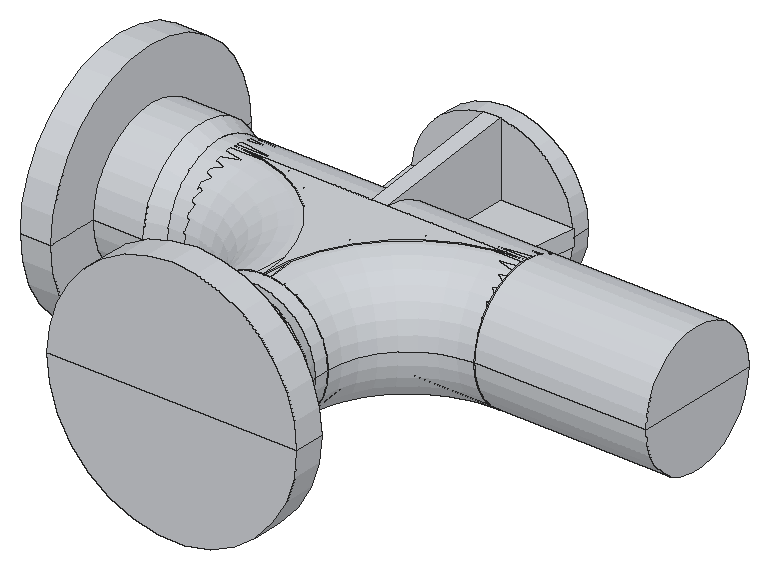
Revit family "35539b8d50c64a74bc7022a9e16a2897", category Pipe Fittings, Revit 2021
Family settings
  Round Connector Dimension = Use Radius
  Part Type = Tee
  OmniClass Number = 23.60.30.11.14
  OmniClass Title = Pipework Fittings
  Seek Item ID = Tee - PVC - Sch 40-0000-USA-ENU
  Work Plane-Based = No
  Always vertical = Yes
  Cut with Voids When Loaded = No
  Shared = No
Parameters (values of type "Standard")
  Tick Size [instance] = Fitting Outside Diameter * 0.4  # 1.5840"
  Socket Outside Radius [instance] = Socket Outside Diameter / 2  # 2.2400"
  Socket Outside Diameter [instance] = size_lookup(Lookup Table Name, "SOD", 1.08 * Nominal Diameter + 1.1300", Nominal Diameter)  # 4.4800"
  Socket Depth [instance] = if(Nominal Diameter < 14.0000", 2.5000", if(Nominal Diameter < 30.0000", 3.5000", 4.0000"))  # 2.5000"
  Round Base Radius [instance] = Round Base Diameter / 2  # 2.5000"
  Round Base Diameter [instance] = size_lookup(Lookup Table Name, "RBD", 0.43 * Nominal Diameter + 4.7200", Nominal Diameter)  # 5.0000"
  Rib Thickness [instance] = size_lookup(Lookup Table Name, "RThk", 0.03 * Nominal Diameter + 0.4900", Nominal Diameter)  # 0.5000"
  Lookup Table Name = "Base Tee - MJ x PE - DI - Class 350"
  Length 1 [instance] = if(Fitting Outside Radius > Round Base Radius, Round Base Radius, Fitting Outside Radius)  # 1.9800"
  Fitting Outside Radius [instance] = Fitting Outside Diameter / 2  # 1.9800"
  Fitting Outside Diameter [instance] = size_lookup(Lookup Table Name, "FOD", 1.04 * Nominal Diameter + 0.7000", Nominal Diameter)  # 3.9600"
  Nominal Radius [instance] = 1.5000"
  Nominal Diameter [instance] = Nominal Radius * 2  # 3.0000"
  Loss Method = K Coefficient from Table
  K Coefficient Table = "Tee"
  Default Elevation = 0.0000"
  Bevel Length [instance] = size_lookup(Lookup Table Name, "BvLgt", 0.04 * Nominal Diameter + 0.4300", Nominal Diameter)  # 0.5200"
  Center to Socket Bottom 2 Label [instance] = if(Center Radius > Center to Socket Bottom 2, Center Radius + 7.0000", Center to Socket Bottom 2)  # 9.7500"
  Center to Socket Bottom 2 [instance] = size_lookup(Lookup Table Name, "CtSB2", 9.1000" + 0.688 * Nominal Diameter, Nominal Diameter)  # 9.7500"
  Center to Socket Bottom 1 [instance] = size_lookup(Lookup Table Name, "CtSB1", 3.2500" + 0.754 * Nominal Diameter, Nominal Diameter)  # 5.5000"
  Center to Face [instance] = size_lookup(Lookup Table Name, "CtF", 0.65 * Nominal Diameter + 3.1200", Nominal Diameter)  # 4.8800"
  Center Radius Label [instance] = if(Center to Socket Bottom 1 - Center Radius - Bevel Length < 0.5000", Center to Socket Bottom 1 - Bevel Length - 0.5000", Center Radius)  # 4.4800"
  Center Radius [instance] = size_lookup(Lookup Table Name, "CRad", 2.7600" + 0.7232 * Nominal Diameter, Nominal Diameter)  # 4.9800"
  Base Thickness [instance] = size_lookup(Lookup Table Name, "BThk", 0.03 * Nominal Diameter + 0.4900", Nominal Diameter)  # 0.5600"
  Gland Width [instance] = size_lookup(Lookup Table Name, "GWid", 0.03 * Nominal Diameter + 0.9400", Nominal Diameter)  # 0.9400"
  Gland Outside Radius [instance] = Gland Outside Diameter / 2  # 3.8450"
  Gland Outside Diameter [instance] = size_lookup(Lookup Table Name, "GOD", 1.16 * Nominal Diameter + 4.0300", Nominal Diameter)  # 7.6900"
  Angle [instance] = 90.00°  # constant formula
Reference planes (in)
  plane 1 "Center (Front/Back)": y = 0
  plane 2: z = 0
  plane 3 "Center (Left/Right)": x = 0
  plane 4: y = -5.5
  plane 5: y = 3.845
  plane 6: y = 2.24
  plane 7: y = 1.98
  plane 8: x = -8
  plane 9: x = -7.06
  plane 10: x = -4.98
  plane 11: x = -5.5
  plane 12: x = 9.75
  plane 13: x = -1.98
  plane 14: x = -2.24
  plane 15: x = -3.845
  plane 16: y = -4.98
  plane 17: y = -8
  plane 18: y = -7.06
  plane 19: y = -4.48
  plane 20: x = -4.48
  plane 21: x = 4.48
  plane 22: z = 1.98
  plane 23: z = -1.98
  plane 24: y = 1.584
  plane 25: y = -1.584
  plane 26: x = -1.584
  plane 27: x = 1.584
  plane 28: y = 4.88
  plane 29: y = 4.32
  plane 30: x = -0.25
  plane 31: x = 0.25
  plane 32: z = 0.25
  plane 33: z = -0.25
Forms (in)
  Revolve 1, solid, detail levels fine
    sketch origin (0, 0, 0) x (1, 0, 0) y (0, 1, 0)
      loop
        line (-8, 0) -> (9.75, 0) -> (9.75, 1.98) -> (-4.98, 1.98) -> (-5.5, 2.24) -> (-7.06, 2.24) -> (-7.06, 3.845) -> (-8, 3.845) -> (-8, 0)
      axis (-8, 0) -> (9.75, 0)
    angle from 0 to 360
  Sweep 2, solid, detail levels fine
    path origin (0, 0, 0) x (1, 0, 0) y (0, 1, 0)
      loop
        arc (-4.48, 0) -> (-1.31216, -1.31216) -> (0, -4.48) r 4.48
    profile origin (0, -4.48, 0) x (1, 0, 0) y (0, 0, 1)
      loop
        circle (0, 0) r 1.98
  Sweep 3, solid, detail levels fine
    path origin (0, 0, 0) x (-1, 0, 0) y (0, 1, 0)
      loop
        arc (-4.48, 0) -> (-1.31216, -1.31216) -> (0, -4.48) r 4.48
    profile origin (0, -4.48, 0) x (1, 0, 0) y (0, 0, 1)
      loop
        circle (0, 0) r 1.98
  Revolve 4, solid, detail levels fine
    sketch origin (0, 0, 0) x (1, 0, 0) y (0, 1, 0)
      loop
        line (0, -4.98) -> (-1.98, -4.98) -> (-2.24, -5.5) -> (-2.24, -7.06) -> (-3.845, -7.06) -> (-3.845, -8) -> (0, -8) -> (0, -4.98)
      loop
        line (0, 4.32) -> (0, 4.88) -> (-2.5, 4.88) -> (-2.5, 4.32) -> (0, 4.32)
      axis (0, 4.88) -> (0, -8)
    angle from 0 to 360
  Extrusion 5, solid, detail levels fine
    sketch origin (0, 0, 0) x (1, 0, 0) y (0, 1, 0)
      loop
        arc (-4.48, 0) -> (-1.31216, -1.31216) -> (0, -4.48) r 4.48
        arc (0, -4.48) -> (1.31216, -1.31216) -> (4.48, 0) r 4.48
        line (4.48, 0) -> (-4.48, 0)
    from -1.98 to 1.98
  Extrusion 6, solid, detail levels fine
    sketch origin (0, 0, 0) x (1, 0, 0) y (0, 1, 0)
      loop
        line (-2.5, 4.32) -> (-1.98, 0) -> (1.98, 0) -> (2.5, 4.32) -> (-2.5, 4.32)
    from -0.25 to 0.25
  Extrusion 7, solid, detail levels fine
    sketch origin (0, 0, 0) x (0, 1, 0) y (0, 0, 1)
      loop
        line (4.32, 2.5) -> (0, 1.98) -> (0, -1.98) -> (4.32, -2.5) -> (4.32, 2.5)
    from -0.25 to 0.25
  Extrusion 8, solid, detail levels fine
    sketch origin (0, 0, 0) x (1, 0, 0) y (0, 0, 1)
      loop
        circle (0, 0) r 1.98
    from 4.48 to 5.5
Cuts and joins
  joined: Revolve 1, Revolve 4, Extrusion 6, Extrusion 7, Extrusion 8
Lines and regions (in)
  model lines, detail levels coarse+medium
    curve 1: line (-8, 1.584, 0) -> (-8, -1.584, 0)
    curve 2: line (9.75, 1.584, 0) -> (9.75, -1.584, 0)
    curve 3: line (-1.584, -8, 0) -> (1.584, -8, 0)
    curve 6: line (-0.25, 0, 0) -> (-0.25, 4.88, 0)
    curve 7: line (0.25, 0, 0) -> (0.25, 4.88, 0)
  model lines, style "PipeFitting", detail levels coarse+medium
    curve 4: line (-8, 0, 0) -> (9.75, 0, 0)
    curve 5: line (0, 0, 0) -> (0, -8, 0)
Dimensions and locks (in)
  "Center to Socket Bottom 1": plane 4 to plane 1 "Center (Front/Back)"
  "Fitting Outside Radius": plane 7 to plane 1 "Center (Front/Back)"
  "Socket Outside Radius": plane 6 to plane 1 "Center (Front/Back)"
  "Gland Outside Radius": plane 5 to plane 1 "Center (Front/Back)"
  "Gland Width": plane 8 to plane 9
  "Socket Depth": plane 8 to plane 11
  "Bevel Length": plane 11 to plane 10
  "Center to Socket Bottom 1": plane 11 to plane 3 "Center (Left/Right)"
  "Fitting Outside Radius": plane 13 to plane 3 "Center (Left/Right)"
  "Socket Outside Radius": plane 14 to plane 3 "Center (Left/Right)"
  "Gland Outside Radius": plane 15 to plane 3 "Center (Left/Right)"
  "Bevel Length": plane 16 to plane 4
  "Gland Width": plane 18 to plane 17
  "Socket Depth": plane 4 to plane 17
  "Center Radius Label": plane 1 "Center (Front/Back)" to plane 19
  "Center Radius Label": plane 20 to plane 3 "Center (Left/Right)"
  "Center Radius Label": plane 3 "Center (Left/Right)" to plane 21
  "Fitting Outside Radius": plane 22 to plane 2
  "Fitting Outside Radius": plane 23 to level
  "Tick Size": plane 1 "Center (Front/Back)" to plane 25
  "Tick Size": plane 24 to plane 1 "Center (Front/Back)"
  "Tick Size": plane 3 "Center (Left/Right)" to plane 27
  "Tick Size": plane 26 to plane 3 "Center (Left/Right)"
  "Center to Socket Bottom 2 Label": plane 3 "Center (Left/Right)" to plane 12
  "Base Thickness": plane 28 to plane 29
  "Center to Face": plane 28 to plane 1 "Center (Front/Back)"
  "Round Base Radius": Revolve 4 sketch curve to Revolve 4 sketch curve
  "Round Base Radius": plane 3 "Center (Left/Right)" to Extrusion 6 sketch curve
  "Round Base Radius": Extrusion 6 sketch curve to plane 3 "Center (Left/Right)"
  "Length 1": plane 3 "Center (Left/Right)" to Extrusion 6 sketch curve
  "Length 1": Extrusion 6 sketch curve to plane 3 "Center (Left/Right)"
  equal spacing: plane 30, plane 3 "Center (Left/Right)", plane 31
  "Rib Thickness": plane 30 to plane 31
  equal spacing: plane 33, plane 2, plane 32
  "Rib Thickness": plane 32 to plane 33
  "Round Base Radius": Extrusion 7 sketch curve to plane 2
  "Round Base Radius": plane 2 to Extrusion 7 sketch curve
  "Length 1": Extrusion 7 sketch curve to plane 2
  "Length 1": plane 2 to Extrusion 7 sketch curve
  "Center Radius Label": radius of Sweep 2 sketch curve
  "Fitting Outside Radius": radius of Sweep 2 sketch curve
  "Center Radius Label": radius of Sweep 3 sketch curve
  "Fitting Outside Radius": radius of Sweep 3 sketch curve
  "Center Radius Label": radius of Extrusion 5 sketch curve  (x2)
  "Fitting Outside Radius": radius of Extrusion 8 sketch curve
  aligned and locked: plane 1 "Center (Front/Back)" to Revolve 1 sketch curve
  aligned and locked: plane 8 to Revolve 1 sketch curve
  aligned and locked: Revolve 1 sketch curve to plane 5
  aligned and locked: Revolve 1 sketch curve to plane 7
  aligned and locked: Revolve 1 sketch curve to plane 6
  aligned and locked: plane 12 to Revolve 1 sketch curve
  aligned and locked: Revolve 1 sketch curve to plane 9
  aligned and locked: Revolve 1 sketch curve to Revolve 1 sketch curve
  aligned and locked: plane 11 to Revolve 1 sketch curve
  aligned and locked: plane 10 to Revolve 1 sketch curve
  aligned and locked: plane 19 to Sweep 2 sketch curve
  aligned and locked: plane 20 to Sweep 2 sketch curve
  aligned and locked: Revolve 4 sketch curve to plane 3 "Center (Left/Right)"
  aligned and locked: plane 21 to Sweep 3 sketch curve
  aligned and locked: plane 19 to Sweep 3 sketch curve
  aligned and locked: plane 20 to Extrusion 5 sketch curve  (x2)
  aligned and locked: plane 19 to Extrusion 5 sketch curve  (x3)
  aligned and locked: plane 21 to Extrusion 5 sketch curve  (x3)
  aligned and locked: plane 1 "Center (Front/Back)" to Extrusion 5 sketch curve  (x2)
  aligned and locked: plane 23 to Extrusion 5
  aligned and locked: plane 22 to Extrusion 5
  aligned and locked: plane 27 to curve 3
  aligned and locked: plane 26 to curve 3
  aligned and locked: curve 3 to plane 17
  aligned and locked: plane 25 to curve 2
  aligned and locked: plane 24 to curve 2
  aligned and locked: plane 12 to curve 2
  aligned and locked: plane 25 to curve 1
  aligned and locked: plane 24 to curve 1
  aligned and locked: curve 1 to plane 8
  aligned and locked: curve 5 to plane 3 "Center (Left/Right)"
  aligned and locked: plane 8 to curve 4
  aligned and locked: plane 12 to curve 4
  aligned and locked: plane 17 to curve 5
  aligned and locked: plane 1 "Center (Front/Back)" to curve 5
  aligned and locked: plane 16 to Revolve 4 sketch curve
  aligned and locked: plane 13 to Revolve 4 sketch curve
  aligned and locked: plane 4 to Revolve 4 sketch curve
  aligned and locked: Revolve 4 sketch curve to plane 14
  aligned and locked: Revolve 4 sketch curve to plane 15
  aligned and locked: plane 18 to Revolve 4 sketch curve
  aligned and locked: Revolve 4 sketch curve to plane 17
  aligned and locked: plane 3 "Center (Left/Right)" to Revolve 4 sketch curve
  aligned and locked: Revolve 4 sketch curve to Revolve 4 sketch curve
  aligned and locked: Revolve 4 sketch curve to plane 29
  aligned and locked: plane 28 to Revolve 4 sketch curve
  aligned and locked: Extrusion 6 sketch curve to plane 29
  aligned and locked: Extrusion 6 sketch curve to plane 1 "Center (Front/Back)"
  aligned and locked: plane 33 to Extrusion 6
  aligned and locked: plane 32 to Extrusion 6
  aligned and locked: Extrusion 7 sketch curve to plane 29
  aligned and locked: Extrusion 7 sketch curve to plane 1 "Center (Front/Back)"
  aligned and locked: Extrusion 7 to plane 30
  aligned and locked: Extrusion 7 to plane 31
  aligned and locked: plane 28 to curve 6
  aligned and locked: plane 1 "Center (Front/Back)" to curve 6
  aligned and locked: plane 28 to curve 7
  aligned and locked: curve 7 to plane 31
  aligned and locked: plane 30 to curve 6
  aligned and locked: plane 3 "Center (Left/Right)" to Extrusion 8 sketch curve
  aligned and locked: plane 2 to Extrusion 8 sketch curve
  aligned and locked: plane 19 to Extrusion 8
  aligned and locked: Extrusion 8 to plane 4
Automatic sketch dimensions
  Revolve 1 sketch curve to plane 8 = 1.01143"
  Revolve 1 sketch curve to plane 12 = 1.76143"
  Sweep 2 sketch curve to level = 0.0000"
  profile plane to Sweep 2 sketch curve = 0.0000"
  Sweep 3 sketch curve to level = 0.0000"
  profile plane to Sweep 3 sketch curve = 0.0000"
  Extrusion 5 sketch curve to plane 20 = 0.0000"
  Revolve 4 sketch curve to plane 17 = 5.5000"
  plane 19 to Revolve 4 sketch curve = 1.6000"
Connectors (in)
  piping at (-8, 0, 0), diameter 3, driven by "Nominal Radius"
    settings: on Revolve 1, index 1, connector inside diameter 3.0000", connector length 0.0000", flow factor 0, pipe flow 0 GPM, pressure drop 0.00 psi, fitting loss kfactor 0, connector angle 0.00°, fixture units 0, engagement length 0.0000", angle of deflection 0.00°, flow configuration 0, flow direction 0, fitting loss method 0, system type 28, joint type 0, gender type 0, connector reference index 2, connector utility 0, adjustable connector no, is connector primary yes, connector description ""
  piping at (9.75, 0, 0), diameter 3, driven by "Nominal Radius"
    settings: on cut or joined group of Revolve 1, Revolve 4, Extrusion 6, Extrusion 7, Extrusion 8, index 2, connector inside diameter 3.0000", connector length 0.0000", flow factor 0, pipe flow 0 GPM, pressure drop 0.00 psi, fitting loss kfactor 0, connector angle 0.00°, fixture units 0, engagement length 0.0000", angle of deflection 0.00°, flow configuration 0, flow direction 0, fitting loss method 0, system type 28, joint type 0, gender type 0, connector reference index 1, connector utility 0, adjustable connector no, is connector primary no, connector description ""
  piping at (0, -8, 0), diameter 3, driven by "Nominal Radius"
    settings: on cut or joined group of Revolve 1, Revolve 4, Extrusion 6, Extrusion 7, Extrusion 8, index 3, connector inside diameter 3.0000", connector length 0.0000", flow factor 0, pipe flow 0 GPM, pressure drop 0.00 psi, fitting loss kfactor 0, connector angle 0.00°, fixture units 0, engagement length 0.0000", angle of deflection 0.00°, flow configuration 0, flow direction 0, fitting loss method 0, system type 28, joint type 0, gender type 0, connector reference index -1, connector utility 0, adjustable connector no, is connector primary no, connector description ""
